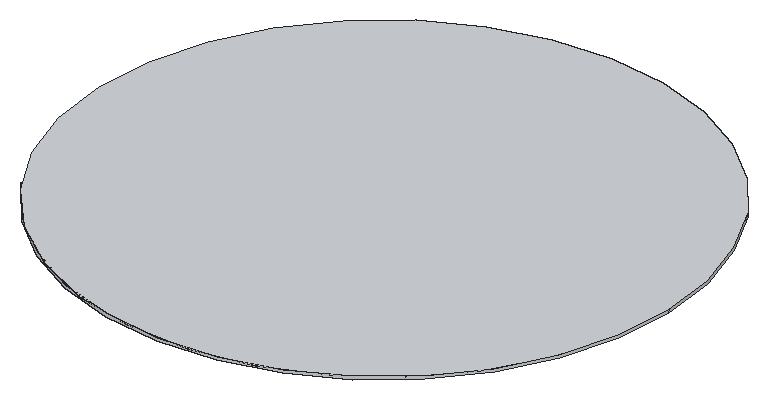
Revit family "SC-Survey_Point", category Generic Models, Revit 2017
Family settings
  Can host rebar = No
  Round Connector Dimension = Use Diameter
  Part Type = Normal
  Work Plane-Based = No
  Always vertical = Yes
  Cut with Voids When Loaded = No
  Shared = No
  Room Calculation Point = No
Parameters
  Z [instance] = 0 mm
  Radius = 200 mm
  CrossHairSize = 1000 mm
Reference planes
  plane 1 "Center (Front/Back)": y = 0
  plane 2: z = 0
  plane 3 "Center (Left/Right)": x = 0
  plane 4 "Base": z = 0
  plane 5: x = -500
  plane 6: x = 500
  plane 7: y = 500
  plane 8: y = -500
Forms (mm)
  Extrusion 1, solid
    sketch origin (0, 0, 0) x (1, 0, 0) y (0, 1, 0)
      loop
        circle (0, 0) r 200
    from -2 to 0
Lines and regions (mm)
  model lines
    curve 1: circle (0, 0, 0) r 200 normal (0, 0, 1)
    curve 2: line (0, 500, 0) -> (0, 0, 0)
    curve 3: line (-500, 0, 0) -> (0, 0, 0)
    curve 4: line (0, 0, 0) -> (500, 0, 0)
    curve 5: line (0, 0, 0) -> (0, -500, 0)
Dimensions and locks
  "Z": plane 2 to plane 4 "Base"
  equal spacing: plane 5, plane 3 "Center (Left/Right)", plane 6
  equal spacing: plane 7, plane 1 "Center (Front/Back)", plane 8
  "CrossHairSize": plane 7 to plane 8
  "CrossHairSize": plane 5 to plane 6
  "Radius": radius of Extrusion 1 sketch curve
  "Radius": radius of curve 1
  aligned and locked: level to plane 2
  aligned and locked: plane 6 to curve 4
  aligned and locked: plane 5 to curve 3
  aligned and locked: plane 8 to curve 5
  aligned and locked: plane 3 "Center (Left/Right)" to curve 4
  aligned and locked: plane 1 "Center (Front/Back)" to curve 5
Automatic sketch dimensions
  plane 1 "Center (Front/Back)" to curve 1 = 0 mm
  curve 1 to plane 3 "Center (Left/Right)" = 0 mm
  curve 2 to plane 7 = 0 mm
  plane 1 "Center (Front/Back)" to Extrusion 1 sketch curve = 0 mm
  Extrusion 1 sketch curve to plane 3 "Center (Left/Right)" = 0 mm
